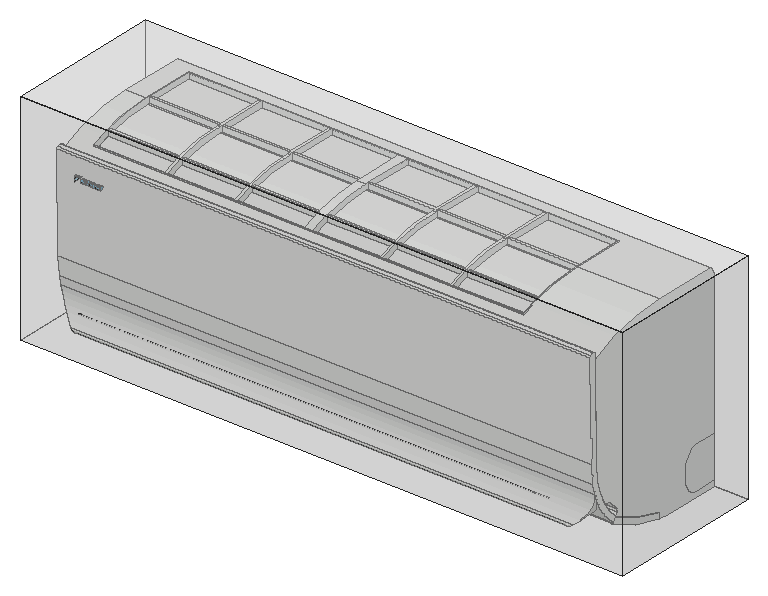
Revit family "outputfile", category 機械設備, Revit 2024
Family settings
  丸型コネクタ寸法 = 半径を使用
  パーツ タイプ = 標準
  OmniClass 番号 = 23.75.10.24.21.27.27
  OmniClass タイトル = Split System Air Conditioning Units
  作業面ベース = いいえ
  常に垂直 = はい
  ロード時にボイドで切り取り = いいえ
  注釈の向きを維持 = いいえ
  共有 = いいえ
  部屋計算ポイント = いいえ
Parameters (values of type "FTKQ24YV2S")
  製造元 = "Daikin"
  書き出し IFC クラス(タイプ) = "IfcUnitaryEquipmentType"
  定義済み IFC タイプ(タイプ) = "AIRCONDITIONINGUNIT"
  モデル = "FTKQ24YV2S"
  switch_frequency = yes
  r_Liquid Pipe Size = Liquid Pipe Size / 2  # 3.2 mm
  r_Gas Pipe Size = Gas Pipe Size / 2  # 6.35 mm
  r_Drain Pipe Size = Drain Pipe Size / 2  # 8.0 mm
  lw_powersupply [instance] = if(or(Right Connection_refrigerant, Left Connection_refrigerant), 348.0 mm, if(or(Rear Right Connection_refrigerant, Bottom Right Connection_refrigerant), 30.0 mm, 740.0 mm))  # 348.0 mm
  lw_liquidpipe [instance] = if(or(Right Connection_refrigerant, Left Connection_refrigerant), 433.0 mm, if(or(Rear Right Connection_refrigerant, Bottom Right Connection_refrigerant), 40.0 mm, 730.0 mm))  # 433.0 mm
  lw_gaspipe [instance] = if(or(Right Connection_refrigerant, Left Connection_refrigerant), if(Gas Pipe Size = 9.5 mm, 335.0 mm, 345.0 mm) + 48.0 mm, if(or(Rear Right Connection_refrigerant, Bottom Right Connection_refrigerant), 55.0 mm, 715.0 mm))  # 393.0 mm
  lw_drainpipe [instance] = if(or(Right Connection_refrigerant, Left Connection_refrigerant), 488.0 mm, if(or(Rear Right Connection_refrigerant, Bottom Right Connection_refrigerant), 55.0 mm, 715.0 mm))  # 488.0 mm
  l_powersupply_length [instance] = if(Right Connection_refrigerant, 348.0 mm, if(Left Connection_refrigerant, 422.0 mm, if(or(Rear Left Connection_refrigerant, Rear Right Connection_refrigerant), 20.0 mm, 50.0 mm)))  # 348.0 mm
  l_liquidpipe_length [instance] = if(Right Connection_refrigerant, 433.0 mm, if(Left Connection_refrigerant, 337.0 mm, if(or(Rear Left Connection_refrigerant, Rear Right Connection_refrigerant), 40.0 mm, 35.0 mm)))  # 433.0 mm
  l_gaspipe_length [instance] = if(Right Connection_refrigerant, if(Gas Pipe Size = 9.5 mm, 335.0 mm, 345.0 mm) + 48.0 mm, if(Left Connection_refrigerant, 770.0 mm - (if(Gas Pipe Size = 9.5 mm, 335.0 mm, 345.0 mm) + 48.0 mm), if(or(Rear Left Connection_refrigerant, Rear Right Connection_refrigerant), 40.0 mm, 50.0 mm)))  # 393.0 mm
  l_drainpipe_length [instance] = if(Right Connection_refrigerant, 488.0 mm, if(Left Connection_refrigerant, 282.0 mm, if(or(Rear Left Connection_refrigerant, Rear Right Connection_refrigerant), 20.0 mm, 25.0 mm)))  # 488.0 mm
  h*** = 0.0 mm  # constant formula
  connector_voltage = Voltage_50Hz  # 220 V
  connector_powerinput = [Power Input (Cooling)]  # 1.930 kW
  connector_phase = Phase_50Hz  # 1
  angle_vertical [instance] = if(or(Bottom Left Connection_refrigerant, Bottom Right Connection_refrigerant), 0.00°, 90.00°)  # 90.00°
  angle_horizontal [instance] = if(Right Connection_refrigerant, 90.00°, if(Left Connection_refrigerant, -90.00°, if(or(Rear Left Connection_refrigerant, Rear Right Connection_refrigerant), 180.00°, 0.00°)))  # 90.00°
  Width = 770.0 mm
  Voltage_comment_50Hz = "220 - 240"
  Voltage_50Hz = 220 V
  Version = "ver.1.0"
  Unit Type = "Wall Mounted"
  Unit Mass Weight = 9.00 kg
  Unit Designation [instance] = ""
  Uniclass2015Version = "Products v1.30"
  Uniclass2015Title = "Split coil room air conditioning units"
  Uniclass2015Code = "Pr_70_65_03_86"
  Total Cooling Capacity [instance] = 0.000 kW
  Sound Pressure Level_M speed (dBA) = 42
  Sound Pressure Level_L speed (dBA) = 37
  Sound Pressure Level_H speed (dBA) = 45
  Sound Power Level_H speed (dB) = 0
  Series = "Single Split_Fan Coil Unit"
  Sensible Cooling Capacity [instance] = 0.000 kW
  Refrigerant Type = "R32"
  Power Input (Cooling) = 1.930 kW
  Phase_50Hz = 1
  Option Accessory 3 [instance] = ""
  Option Accessory 2 [instance] = ""
  Option Accessory 1 [instance] = ""
  Nominal Cooling Capacity = 6.000 kW
  Minimum Airflow = 588.00 m³/h
  Median Airflow = 690.00 m³/h
  Maximum Airflow = 792.00 m³/h
  Material_Casing = DAIKIN_PureWhite_Casing_indoorunit
  Load Classification = HVAC
  Liquid Pipe Size = 6.4 mm
  Link_Nested Family [instance] = ""
  IfcVersion = ""
  IfcExportType = "AIRCONDITIONINGUNIT"
  IfcExportAs = "IfcUnitaryEquipmentType"
  Height = 285.0 mm
  Heat Exchanger Type = "Cross Fin Coil"
  Gas Pipe Size = 12.7 mm
  Frequency_50Hz = 50 Hz
  Fan Type = "Cross Flow Fan"
  Fan Drive = "Direct Drive"
  FCU Tag No. [instance] = ""
  Drain Pipe Size = 16.0 mm
  Design Supply Airflow [instance] = 0.00 m³/h
  Depth = 226.0 mm
  既定の高さ = 0.0 mm
  Cooling Entering Wet Bulb Temperature [instance] = 0.00 °C
  Cooling Entering Dry Bulb Temperature [instance] = 0.00 °C
  Cooling Ambient Wet Bulb Temperature [instance] = 0.00 °C
  Cooling Ambient Dry Bulb Temperature [instance] = 0.00 °C
  Clearance visibility [instance] = yes
  Clearance Top = 30.0 mm
  Clearance Right = 50.0 mm
  Clearance Rear = 0.0 mm
  Clearance Left = 50.0 mm
  Clearance Front = 0.0 mm
  Clearance Bottom = 0.0 mm
  Bottom Right Connection_refrigerant [instance] = no
  Bottom Left Connection_refrigerant [instance] = no
  Rear Right Connection_refrigerant [instance] = no
  Rear Left Connection_refrigerant [instance] = no
  Right Connection_refrigerant [instance] = yes
  Left Connection_refrigerant [instance] = no
Reference planes
  plane 1 "Back": y = 0
  plane 2: z = 0
  plane 3 "Center (Left/Right)": x = 0
  plane 4: y = -133
  plane 5: y = -266
  plane 6 "Left": x = -385
  plane 7 "Right": x = 385
  plane 8 "Top": z = 0
  plane 9: y = 0
  plane 10: z = -285
  plane 11 "Clearance Front": y = -226
  plane 12 "Bottom": z = -285
  plane 13: z = -285
  plane 14: z = 30
  plane 15 "Front": y = -226
  plane 16 "Clearance Rear": y = 0
  plane 17: x = -8
  plane 18: x = -48
  plane 19: x = -103
  plane 20: y = -40
  plane 21: y = -20
  plane 22: x = 37
  plane 23: x = -435
  plane 24: x = 435
  plane 25: x = 337
Forms (mm)
  Extrusion 1, solid, material "DAIKIN_PureWhite_Casing_indoorunit" <- "Material_Casing"
    sketch origin (-379, 1296.25, 1210) x (0, 1, 0) y (0, 0, 1)
      loop
        line (-1296.25, -1427) -> (-1326.25, -1427)
        arc (-1326.25, -1427) -> (-1340.393, -1432.858) -> (-1346.25, -1447) r 20
        line (-1346.25, -1447) -> (-1346.25, -1467)
        arc (-1346.25, -1467) -> (-1340.393, -1481.142) -> (-1326.25, -1487) r 20
        line (-1326.25, -1487) -> (-1296.25, -1487) -> (-1296.25, -1427)
    from 759 to 764
  Extrusion 2, solid, material "DAIKIN_PureWhite_Casing_indoorunit" <- "Material_Casing"
    sketch origin (-495, 1156.25, 1200) x (0, 1, 0) y (0, 0, 1)
      loop
        line (-1156.25, -1485) -> (-1156.25, -1208.5) -> (-1161.25, -1200) -> (-1254.25, -1200)
        arc (-1254.25, -1200) -> (-1314.413, -1207.347) -> (-1371.039, -1228.956) r 250
        arc (-1371.039, -1228.956) -> (-1370.963, -1294.87) -> (-1368.901, -1360.751) r 2186.827
        arc (-1368.901, -1360.751) -> (-1367.931, -1373.599) -> (-1366.216, -1386.369) r 221.844
        arc (-1366.216, -1386.369) -> (-1361.341, -1405) -> (-1353.083, -1422.397) r 103
        line (-1353.083, -1422.397) -> (-1345.22, -1422.397)
        arc (-1345.22, -1422.397) -> (-1343.826, -1422.741) -> (-1342.751, -1423.693) r 3
        arc (-1342.751, -1423.693) -> (-1337.001, -1431.196) -> (-1330.533, -1438.09) r 95
        arc (-1330.533, -1438.09) -> (-1329.645, -1439.831) -> (-1330.018, -1441.749) r 3
        line (-1330.018, -1441.749) -> (-1332.498, -1446.044)
        arc (-1332.498, -1446.044) -> (-1295.066, -1463.723) -> (-1255.079, -1474.437) r 231
        arc (-1255.079, -1474.437) -> (-1254.485, -1474.778) -> (-1254.25, -1475.422) r 1
        line (-1254.25, -1475.422) -> (-1254.25, -1483.703)
        arc (-1254.25, -1483.703) -> (-1250.776, -1484.245) -> (-1247.294, -1484.736) r 240
        arc (-1247.294, -1484.736) -> (-1245.313, -1484.934) -> (-1243.323, -1485) r 30
        line (-1243.323, -1485) -> (-1156.25, -1485)
    from 110 to 880
  Extrusion 3, solid, material "DAIKIN_PureWhite_Casing_indoorunit" <- "Material_Casing"
    sketch origin (-622.601, -1524, -230) x (-1, 0, 0) y (0, -1, 0)
      loop
        line (-996.615, -1494) -> (-996.615, -1524) -> (-936.615, -1524) -> (-936.615, -1494)
        arc (-936.615, -1494) -> (-942.473, -1479.858) -> (-956.615, -1474) r 20
        line (-956.615, -1474) -> (-976.615, -1474)
        arc (-976.615, -1474) -> (-990.757, -1479.858) -> (-996.615, -1494) r 20
      loop
        arc (-248.601, -1494) -> (-254.459, -1479.858) -> (-268.601, -1474) r 20
        line (-268.601, -1474) -> (-288.601, -1474)
        arc (-288.601, -1474) -> (-302.743, -1479.858) -> (-308.601, -1494) r 20
        line (-308.601, -1494) -> (-308.601, -1524) -> (-248.601, -1524) -> (-248.601, -1494)
    from -55 to -50
  Extrusion 4, solid, material "DAIKIN_PureWhite_Casing_indoorunit" <- "Material_Casing"
    sketch origin (0, 0, 10) x (1, 0, 0) y (0, 0, 1)
      loop
        circle (337, -250.5) r 32.5
      loop
        circle (-337, -250.5) r 32.5
    from 0 to 5
  Extrusion 5, solid, material "DAIKIN_PureWhite_Casing_indoorunit" <- "Material_Casing"
    sketch origin (489, 1296.25, 1210) x (0, 1, 0) y (0, 0, -1)
      loop
        line (-1296.25, 1427) -> (-1296.25, 1487) -> (-1326.25, 1487)
        arc (-1326.25, 1487) -> (-1340.393, 1481.142) -> (-1346.25, 1467) r 20
        line (-1346.25, 1467) -> (-1346.25, 1447)
        arc (-1346.25, 1447) -> (-1340.393, 1432.858) -> (-1326.25, 1427) r 20
        line (-1326.25, 1427) -> (-1296.25, 1427)
    from 869 to 874
  Extrusion 6, solid, material "DAIKIN_PureWhite_Casing_indoorunit" <- "Material_Casing"
    sketch origin (-385, 1156.25, 1200) x (0, 1, 0) y (0, 0, 1)
      loop
        arc (-1374.103, -1387.706) -> (-1361.832, -1423.213) -> (-1338.419, -1452.594) r 111
        arc (-1338.419, -1452.594) -> (-1337.834, -1452.764) -> (-1337.333, -1452.419) r 0.709
        line (-1337.333, -1452.419) -> (-1334.084, -1446.792)
        arc (-1334.084, -1446.792) -> (-1333.962, -1446.14) -> (-1334.274, -1445.556) r 1
        arc (-1334.274, -1445.556) -> (-1355.212, -1418.643) -> (-1366.216, -1386.369) r 103
        arc (-1366.216, -1386.369) -> (-1367.931, -1373.599) -> (-1368.901, -1360.751) r 221.844
        arc (-1368.901, -1360.751) -> (-1370.989, -1293.222) -> (-1370.99, -1225.661) r 2186.827
        arc (-1370.99, -1225.661) -> (-1370.93, -1221.937) -> (-1370.863, -1218.213) r 2192
        arc (-1370.863, -1218.213) -> (-1371.146, -1217.637) -> (-1371.78, -1217.535) r 0.7
        line (-1371.78, -1217.535) -> (-1377.538, -1219.406)
        arc (-1377.538, -1219.406) -> (-1378.425, -1219.99) -> (-1378.887, -1220.946) r 2
        arc (-1378.887, -1220.946) -> (-1379.035, -1290.894) -> (-1376.907, -1360.81) r 2149.92
        arc (-1376.907, -1360.81) -> (-1375.901, -1374.299) -> (-1374.103, -1387.706) r 229.911
    from 0 to 770
  Extrusion 7, solid, material "DAIKIN_PureWhite_Casing_indoorunit" <- "Material_Casing"
    sketch origin (-385, 1156.25, 1200) x (0, 1, 0) y (0, 0, 1)
      loop
        arc (-1336.569, -1454.09) -> (-1297.525, -1472.406) -> (-1255.834, -1483.439) r 240
        arc (-1255.834, -1483.439) -> (-1255.428, -1483.328) -> (-1255.25, -1482.946) r 0.5
        line (-1255.25, -1482.946) -> (-1255.25, -1475.422)
        arc (-1255.25, -1475.422) -> (-1295.171, -1464.749) -> (-1332.564, -1447.164) r 232
        arc (-1332.564, -1447.164) -> (-1332.945, -1447.112) -> (-1333.249, -1447.346) r 0.5
        line (-1333.249, -1447.346) -> (-1336.741, -1453.393)
        arc (-1336.741, -1453.393) -> (-1336.802, -1453.778) -> (-1336.569, -1454.09) r 0.5
    from 0 to 770
  Extrusion 8, solid, material "DAIKIN_PureWhite_Casing_indoorunit" <- "Material_Casing"
    sketch origin (-385, 1156.25, 1200) x (0, 1, 0) y (0, 0, 1)
      loop
        arc (-1371.046, -1401.088) -> (-1370.514, -1423.975) -> (-1381.552, -1444.032) r 44
        arc (-1381.552, -1444.032) -> (-1382.188, -1446.32) -> (-1380.625, -1448.108) r 2.5
        arc (-1380.625, -1448.108) -> (-1367.897, -1451.601) -> (-1354.751, -1452.778) r 74
        line (-1354.751, -1452.778) -> (-1338.211, -1452.778)
        arc (-1338.211, -1452.778) -> (-1358.264, -1429.242) -> (-1371.046, -1401.088) r 111
    from 0 to 770
  Extrusion 9, solid, material "DAIKIN_PureWhite_Casing_indoorunit" <- "Material_Casing"
    sketch origin (-385, 1156.25, 1200) x (0, 1, 0) y (0, 0, 1)
      loop
        line (-1254.32, -1208) -> (-1177.85, -1208) -> (-1177.85, -1200) -> (-1254.25, -1200)
        arc (-1254.25, -1200) -> (-1302.879, -1204.775) -> (-1349.65, -1218.918) r 250
        line (-1349.65, -1218.918) -> (-1349.65, -1227.568)
        arc (-1349.65, -1227.568) -> (-1302.979, -1212.942) -> (-1254.32, -1208) r 242
    from 29.359 to 650.764
  Extrusion 10, void
    sketch origin (-385, 1156.25, 1200) x (0, 1, 0) y (0, 0, 1)
      loop
        line (-1349.65, -1215.676) -> (-1349.65, -1227.568)
        arc (-1349.65, -1227.568) -> (-1302.979, -1212.942) -> (-1254.32, -1208) r 242
        line (-1254.32, -1208) -> (-1177.85, -1208) -> (-1177.85, -1197) -> (-1254.25, -1197)
        arc (-1254.25, -1197) -> (-1302.856, -1201.713) -> (-1349.65, -1215.676) r 253
    from 29.359 to 650.764
  Extrusion 11, void
    sketch origin (-610.615, -1524, -240) x (-1, 0, 0) y (0, -1, 0)
      loop
        line (-255.68, -1501.684) -> (-255.68, -1432.659) -> (-357.948, -1432.659) -> (-357.948, -1501.684) -> (-255.68, -1501.684)
      loop
        line (-361.28, -1501.684) -> (-361.28, -1432.659) -> (-459.048, -1432.659) -> (-459.048, -1501.684) -> (-361.28, -1501.684)
      loop
        line (-255.68, -1429.341) -> (-255.68, -1358.741) -> (-357.948, -1358.741) -> (-357.948, -1429.341) -> (-255.68, -1429.341)
      loop
        line (-255.68, -1356.618) -> (-255.68, -1331.319) -> (-357.948, -1331.319) -> (-357.948, -1356.618) -> (-255.68, -1356.618)
      loop
        line (-361.274, -1429.341) -> (-361.274, -1358.741) -> (-459.048, -1358.741) -> (-459.048, -1429.341) -> (-361.274, -1429.341)
      loop
        line (-361.274, -1356.618) -> (-361.274, -1331.319) -> (-459.048, -1331.319) -> (-459.048, -1356.618) -> (-361.274, -1356.618)
      loop
        line (-462.312, -1501.684) -> (-462.312, -1432.659) -> (-559.622, -1432.659) -> (-559.622, -1501.684) -> (-462.312, -1501.684)
      loop
        line (-462.306, -1429.341) -> (-462.306, -1358.741) -> (-559.622, -1358.741) -> (-559.622, -1429.341) -> (-462.306, -1429.341)
      loop
        line (-462.306, -1356.618) -> (-462.306, -1331.319) -> (-559.622, -1331.319) -> (-559.622, -1356.618) -> (-462.306, -1356.618)
      loop
        line (-571.622, -1501.684) -> (-571.622, -1432.659) -> (-668.931, -1432.659) -> (-668.931, -1501.684) -> (-571.622, -1501.684)
      loop
        line (-672.311, -1501.684) -> (-672.311, -1432.659) -> (-770.079, -1432.659) -> (-770.079, -1501.684) -> (-672.311, -1501.684)
      loop
        line (-571.622, -1429.341) -> (-571.622, -1358.741) -> (-668.925, -1358.741) -> (-668.925, -1429.341) -> (-571.622, -1429.341)
      loop
        line (-571.622, -1356.618) -> (-571.622, -1331.319) -> (-668.925, -1331.319) -> (-668.925, -1356.618) -> (-571.622, -1356.618)
      loop
        line (-672.311, -1429.341) -> (-672.311, -1358.741) -> (-770.079, -1358.741) -> (-770.079, -1429.341) -> (-672.311, -1429.341)
      loop
        line (-672.311, -1356.618) -> (-672.311, -1331.319) -> (-770.079, -1331.319) -> (-770.079, -1356.618) -> (-672.311, -1356.618)
      loop
        line (-773.411, -1501.684) -> (-773.411, -1432.659) -> (-875.679, -1432.659) -> (-875.679, -1501.684) -> (-773.411, -1501.684)
      loop
        line (-773.411, -1429.341) -> (-773.411, -1358.741) -> (-875.679, -1358.741) -> (-875.679, -1429.341) -> (-773.411, -1429.341)
      loop
        line (-773.411, -1356.618) -> (-773.411, -1331.319) -> (-875.679, -1331.319) -> (-875.679, -1356.618) -> (-773.411, -1356.618)
    from 208.902 to 245
  Extrusion 12, void
    sketch origin (-385, 1156.25, 1200) x (0, 1, 0) y (0, 0, 1)
      loop
        arc (-1339.36, -1455.929) -> (-1309.531, -1470.929) -> (-1277.928, -1481.699) r 243
        line (-1277.928, -1481.699) -> (-1275.103, -1471.068)
        arc (-1275.103, -1471.068) -> (-1305.332, -1460.762) -> (-1333.859, -1446.402) r 232
        line (-1333.859, -1446.402) -> (-1339.36, -1455.929)
    from 47 to 652
  Extrusion 13, solid, material "DAIKIN_PureWhite_Casing_indoorunit" <- "Material_Casing"
    sketch origin (-385, 1156.25, 1200) x (0, 1, 0) y (0, 0, 1)
      loop
        arc (-1336.998, -1453.838) -> (-1307.924, -1468.349) -> (-1277.157, -1478.8) r 240
        line (-1277.157, -1478.8) -> (-1275.103, -1471.068)
        arc (-1275.103, -1471.068) -> (-1304.871, -1460.955) -> (-1332.998, -1446.91) r 232
        line (-1332.998, -1446.91) -> (-1336.998, -1453.838)
    from 52.507 to 648.507
  Extrusion 14, void
    sketch origin (0, 0, 0) x (1, 0, 0) y (0, 0, 1)
      loop
        line (-395, -201.088) -> (-395, -259.424) -> (-333.271, -259.424) -> (-333.271, -252.778)
        arc (-333.271, -252.778) -> (-369.835, -237.641) -> (-385, -201.088) r 51.729
        line (-385, -201.088) -> (-395, -201.088)
    from 118.853 to 250
  Extrusion 15, void
    sketch origin (0, 0, 0) x (1, 0, 0) y (0, 0, 1)
      loop
        arc (385, -200.608) -> (369.72, -237.498) -> (332.829, -252.778) r 52.171
        line (332.829, -252.778) -> (332.829, -262.778) -> (392.829, -262.778) -> (392.829, -192.778) -> (385, -192.778) -> (385, -200.608)
    from 140.894 to 250
Cuts and joins
  Extrusion 10 cuts Extrusion 2
  Extrusion 11 cuts Extrusion 9
  Extrusion 12 cuts Extrusion 7
  Extrusion 14, Extrusion 15 cuts Extrusion 8
Lines and regions (mm)
  reference lines
    curve 1: line (-395.5, -222.696, -45.45) -> (-395.5, -222.696, -55.45)
Dimensions and locks
  equal spacing: plane 6 "Left", plane 3 "Center (Left/Right)", plane 7 "Right"
  "Width": plane 6 "Left" to plane 7 "Right"
  level to plane 10 = 285.0 mm
  locked: Extrusion 4 sketch curve to plane 6 "Left" at 48
  locked: plane 7 "Right" to Extrusion 4 sketch curve at 48
  locked: plane 8 "Top" to Extrusion 4 sketch curve at 240.5  (x2)
  locked: plane 6 "Left" to Extrusion 3 sketch curve at 11
  locked: Extrusion 3 sketch curve to Extrusion 3 sketch curve at 60  (x2)
  locked: Extrusion 3 sketch curve to plane 7 "Right" at 10.986
  "Height": plane 8 "Top" to plane 12 "Bottom"
  "Clearance Top": plane 14 to plane 8 "Top"
  "Clearance Bottom": plane 12 "Bottom" to plane 13
  "Depth": plane 15 "Front" to plane 1 "Back"
  "Clearance Front": plane 15 "Front" to plane 11 "Clearance Front"
  "Clearance Rear": plane 16 "Clearance Rear" to plane 1 "Back"
  locked: plane 1 "Back" to plane 20 at 40
  locked: plane 1 "Back" to plane 21 at 20
  "Clearance Left": plane 23 to plane 6 "Left"
  "Clearance Right": plane 7 "Right" to plane 24
  "lw_powersupply": plane 22 to plane 7 "Right"
  locked: plane 25 to plane 7 "Right" at 48
  "lw_gaspipe": plane 17 to plane 7 "Right"
  "lw_liquidpipe": plane 18 to plane 7 "Right"
  "lw_drainpipe": plane 19 to plane 7 "Right"
  aligned and locked: level to plane 2
  aligned and locked: nested 2 to curve 1
  aligned and locked: plane 7 "Right" to Extrusion 1
  aligned and locked: plane 19 to nested 3
  aligned and locked: plane 18 to nested 4
  aligned and locked: plane 22 to nested 5
  aligned and locked: plane 17 to nested 6
  aligned and locked: nested 6 to plane 20
  aligned and locked: nested 4 to plane 20
  aligned and locked: nested 3 to plane 21
  aligned and locked: nested 5 to plane 21
  aligned and locked: nested 1 to plane 16 "Clearance Rear"
  aligned and locked: plane 11 "Clearance Front" to nested 1
  aligned and locked: nested 1 to plane 13
  aligned and locked: nested 1 to plane 14
  aligned and locked: nested 1 to plane 23
  aligned and locked: plane 24 to nested 1
Automatic sketch dimensions
  Extrusion 1 sketch curve to plane 1 "Back" = 0.0 mm
  plane 1 "Back" to Extrusion 1 sketch curve = 30.0 mm  (x2)
  Extrusion 1 sketch curve to Extrusion 1 sketch curve = 20.0 mm  (x2)
  Extrusion 1 sketch curve to level = 277.0 mm
  Extrusion 2 sketch curve to Extrusion 2 sketch curve = 0.0 mm  (x8)
  Extrusion 2 sketch curve to level = 0.0 mm
  Extrusion 2 sketch curve to plane 10 = 0.0 mm
  Extrusion 2 sketch curve to plane 1 "Back" = 0.0 mm
  plane 1 "Back" to Extrusion 2 sketch curve = 5.0 mm
  plane 1 "Back" to Extrusion 2 sketch curve = 59.278 mm
  plane 4 to Extrusion 2 sketch curve = 45.927 mm
  plane 10 to Extrusion 2 sketch curve = 1.297 mm
  Extrusion 2 sketch curve to Extrusion 2 sketch curve = 10.927 mm
  plane 4 to Extrusion 2 sketch curve = 35.0 mm
  Extrusion 2 sketch curve to Extrusion 2 sketch curve = 1.0 mm
  plane 4 to Extrusion 2 sketch curve = 24.681 mm
  Extrusion 2 sketch curve to plane 4 = 40.768 mm
  Extrusion 2 sketch curve to Extrusion 2 sketch curve = 2.48 mm
  Extrusion 2 sketch curve to Extrusion 2 sketch curve = 2.598 mm
  Extrusion 2 sketch curve to Extrusion 2 sketch curve = 12.604 mm
  Extrusion 2 sketch curve to Extrusion 2 sketch curve = 7.862 mm
  Extrusion 2 sketch curve to plane 1 "Back" = 8.955 mm
  Extrusion 2 sketch curve to level = 59.408 mm
  Extrusion 2 sketch curve to Extrusion 2 sketch curve = 1962.872 mm
  Extrusion 2 sketch curve to Extrusion 2 sketch curve = 8.281 mm
  Extrusion 2 sketch curve to Extrusion 2 sketch curve = 20.422 mm
  Extrusion 2 sketch curve to Extrusion 2 sketch curve = 5.0 mm
  plane 10 to Extrusion 2 sketch curve = 38.956 mm
  Extrusion 2 sketch curve to Extrusion 2 sketch curve = 4.295 mm
  Extrusion 2 sketch curve to Extrusion 2 sketch curve = 1.5 mm
  Extrusion 2 sketch curve to Extrusion 2 sketch curve = 14.851 mm
  Extrusion 2 sketch curve to Extrusion 2 sketch curve = 3.0 mm
  Extrusion 2 sketch curve to Extrusion 2 sketch curve = 80.275 mm
  Extrusion 2 sketch curve to Extrusion 2 sketch curve = 19.254 mm
  Extrusion 2 sketch curve to level = 46.847 mm
  Extrusion 2 sketch curve to level = 8.5 mm
  Extrusion 2 sketch curve to Extrusion 2 sketch curve = 13.133 mm
  plane 1 "Back" to Extrusion 3 sketch curve = 0.0 mm  (x2)
  Extrusion 3 sketch curve to Extrusion 3 sketch curve = 20.0 mm  (x4)
  plane 1 "Back" to Extrusion 3 sketch curve = 30.0 mm  (x2)
  Extrusion 5 sketch curve to plane 1 "Back" = 0.0 mm
  plane 1 "Back" to Extrusion 5 sketch curve = 30.0 mm  (x2)
  Extrusion 5 sketch curve to Extrusion 5 sketch curve = 20.0 mm  (x2)
  Extrusion 5 sketch curve to level = 217.0 mm
  Extrusion 6 sketch curve to Extrusion 6 sketch curve = 0.0 mm  (x5)
  Extrusion 6 sketch curve to level = 19.406 mm
  Extrusion 6 sketch curve to Extrusion 6 sketch curve = 1.349 mm
  Extrusion 6 sketch curve to Extrusion 6 sketch curve = 0.618 mm
  Extrusion 6 sketch curve to level = 17.535 mm
  Extrusion 6 sketch curve to Extrusion 6 sketch curve = 5.759 mm
  Extrusion 6 sketch curve to Extrusion 6 sketch curve = 0.217 mm
  Extrusion 6 sketch curve to plane 4 = 48.697 mm
  Extrusion 6 sketch curve to Extrusion 6 sketch curve = 0.614 mm
  Extrusion 6 sketch curve to Extrusion 6 sketch curve = 2.997 mm
  Extrusion 6 sketch curve to Extrusion 6 sketch curve = 0.866 mm
  plane 4 to Extrusion 6 sketch curve = 24.681 mm
  Extrusion 6 sketch curve to plane 1 "Back" = 8.955 mm
  Extrusion 6 sketch curve to Extrusion 6 sketch curve = 0.067 mm
  Extrusion 6 sketch curve to level = 60.455 mm
  Extrusion 6 sketch curve to Extrusion 6 sketch curve = 44.907 mm
  Extrusion 6 sketch curve to Extrusion 6 sketch curve = 5.173 mm
  Extrusion 6 sketch curve to level = 150.462 mm
  Extrusion 6 sketch curve to Extrusion 6 sketch curve = 0.008 mm
  Extrusion 6 sketch curve to Extrusion 6 sketch curve = 19.254 mm
  Extrusion 6 sketch curve to Extrusion 6 sketch curve = 76.567 mm
  Extrusion 6 sketch curve to Extrusion 6 sketch curve = 0.5 mm
  Extrusion 6 sketch curve to Extrusion 6 sketch curve = 5.772 mm
  Extrusion 6 sketch curve to Extrusion 6 sketch curve = 1.017 mm
  Extrusion 6 sketch curve to Extrusion 6 sketch curve = 0.03 mm
  Extrusion 6 sketch curve to Extrusion 6 sketch curve = 0.665 mm
  plane 5 to Extrusion 6 sketch curve = 45.344 mm
  Extrusion 6 sketch curve to Extrusion 6 sketch curve = 5.93 mm
  Extrusion 6 sketch curve to Extrusion 6 sketch curve = 7.888 mm
  Extrusion 7 sketch curve to plane 4 = 47.49 mm
  Extrusion 7 sketch curve to Extrusion 7 sketch curve = 0.424 mm
  Extrusion 7 sketch curve to Extrusion 7 sketch curve = 3.491 mm
  Extrusion 7 sketch curve to Extrusion 7 sketch curve = 0.433 mm
  plane 4 to Extrusion 7 sketch curve = 33.5 mm
  Extrusion 7 sketch curve to Extrusion 7 sketch curve = 0.5 mm
  plane 1 "Back" to Extrusion 7 sketch curve = 59.278 mm
  Extrusion 7 sketch curve to Extrusion 7 sketch curve = 0.0 mm  (x4)
  Extrusion 7 sketch curve to level = 282.946 mm
  Extrusion 7 sketch curve to Extrusion 7 sketch curve = 7.524 mm
  Extrusion 7 sketch curve to Extrusion 7 sketch curve = 21.764 mm
  Extrusion 7 sketch curve to Extrusion 7 sketch curve = 0.265 mm
  Extrusion 7 sketch curve to Extrusion 7 sketch curve = 6.062 mm
  Extrusion 7 sketch curve to Extrusion 7 sketch curve = 0.25 mm
  Extrusion 7 sketch curve to level = 46.848 mm
  Extrusion 7 sketch curve to Extrusion 7 sketch curve = 0.084 mm
  plane 5 to Extrusion 8 sketch curve = 8.997 mm
  plane 5 to Extrusion 8 sketch curve = 42.5 mm
  Extrusion 8 sketch curve to Extrusion 8 sketch curve = 25.0 mm
  Extrusion 8 sketch curve to Extrusion 8 sketch curve = 16.54 mm
  plane 4 to Extrusion 8 sketch curve = 24.681 mm
  Extrusion 8 sketch curve to level = 252.778 mm
  Extrusion 8 sketch curve to Extrusion 8 sketch curve = 7.013 mm
  Extrusion 8 sketch curve to Extrusion 8 sketch curve = 32.246 mm
  Extrusion 8 sketch curve to Extrusion 8 sketch curve = 34.741 mm
  Extrusion 8 sketch curve to Extrusion 8 sketch curve = 9.054 mm
  Extrusion 8 sketch curve to Extrusion 8 sketch curve = 1.801 mm
  Extrusion 8 sketch curve to Extrusion 8 sketch curve = 0.0 mm  (x2)
  Extrusion 8 sketch curve to Extrusion 8 sketch curve = 16.296 mm
  Extrusion 9 sketch curve to level = 0.0 mm
  Extrusion 9 sketch curve to level = 18.918 mm
  Extrusion 9 sketch curve to plane 4 = 60.4 mm
  Extrusion 9 sketch curve to level = 8.0 mm
  plane 4 to Extrusion 9 sketch curve = 34.93 mm
  Extrusion 9 sketch curve to Extrusion 9 sketch curve = 0.07 mm
  plane 1 "Back" to Extrusion 9 sketch curve = 21.6 mm
  Extrusion 9 sketch curve to Extrusion 9 sketch curve = 0.0 mm
  Extrusion 10 sketch curve to level = 27.568 mm
  Extrusion 10 sketch curve to plane 4 = 60.4 mm
  plane 4 to Extrusion 10 sketch curve = 34.93 mm
  level to Extrusion 10 sketch curve = 3.0 mm
  Extrusion 10 sketch curve to Extrusion 10 sketch curve = 0.07 mm
  plane 1 "Back" to Extrusion 10 sketch curve = 21.6 mm
  Extrusion 10 sketch curve to Extrusion 10 sketch curve = 222.432 mm
  Extrusion 10 sketch curve to Extrusion 10 sketch curve = 0.0 mm
  plane 4 to Extrusion 11 sketch curve = 38.341 mm
  Extrusion 11 sketch curve to plane 7 "Right" = 119.936 mm
  Extrusion 11 sketch curve to Extrusion 11 sketch curve = 0.0 mm  (x22)
  plane 1 "Back" to Extrusion 11 sketch curve = 22.316 mm  (x3)
  Extrusion 11 sketch curve to Extrusion 11 sketch curve = 102.268 mm
  Extrusion 11 sketch curve to Extrusion 11 sketch curve = 3.332 mm  (x3)
  plane 3 "Center (Left/Right)" to Extrusion 11 sketch curve = 61.696 mm  (x2)
  Extrusion 11 sketch curve to Extrusion 11 sketch curve = 3.38 mm
  Extrusion 11 sketch curve to Extrusion 11 sketch curve = 3.386 mm
  Extrusion 11 sketch curve to Extrusion 11 sketch curve = 0.006 mm  (x3)
  Extrusion 11 sketch curve to plane 3 "Center (Left/Right)" = 38.993 mm  (x2)
  Extrusion 11 sketch curve to Extrusion 11 sketch curve = 12.0 mm  (x2)
  plane 4 to Extrusion 11 sketch curve = 41.659 mm  (x3)
  Extrusion 11 sketch curve to Extrusion 11 sketch curve = 97.309 mm
  Extrusion 11 sketch curve to plane 4 = 32.259 mm  (x4)
  Extrusion 11 sketch curve to Extrusion 11 sketch curve = 3.264 mm
  Extrusion 11 sketch curve to Extrusion 11 sketch curve = 3.258 mm  (x2)
  Extrusion 11 sketch curve to Extrusion 11 sketch curve = 97.768 mm
  Extrusion 11 sketch curve to Extrusion 11 sketch curve = 3.326 mm
  plane 6 "Left" to Extrusion 11 sketch curve = 30.066 mm
  Extrusion 11 sketch curve to Extrusion 11 sketch curve = 3.317 mm  (x5)
  Extrusion 11 sketch curve to Extrusion 11 sketch curve = 2.124 mm  (x6)
  Extrusion 11 sketch curve to Extrusion 11 sketch curve = 25.299 mm  (x5)
  plane 4 to Extrusion 12 sketch curve = 11.323 mm
  Extrusion 12 sketch curve to Extrusion 12 sketch curve = 2.825 mm
  Extrusion 12 sketch curve to Extrusion 12 sketch curve = 0.0 mm  (x2)
  Extrusion 12 sketch curve to level = 281.699 mm
  Extrusion 12 sketch curve to Extrusion 12 sketch curve = 10.631 mm
  Extrusion 13 sketch curve to plane 4 = 47.748 mm
  Extrusion 13 sketch curve to Extrusion 13 sketch curve = 4.0 mm
  plane 4 to Extrusion 13 sketch curve = 12.093 mm
  Extrusion 13 sketch curve to Extrusion 13 sketch curve = 2.054 mm
  plane 1 "Back" to Extrusion 13 sketch curve = 59.278 mm
  Extrusion 13 sketch curve to Extrusion 13 sketch curve = 0.0 mm
  Extrusion 13 sketch curve to level = 278.8 mm
  Extrusion 13 sketch curve to Extrusion 13 sketch curve = 7.732 mm
  Extrusion 13 sketch curve to Extrusion 13 sketch curve = 17.23 mm
  Extrusion 13 sketch curve to Extrusion 13 sketch curve = 6.928 mm
  Extrusion 12 sketch curve to plane 4 = 50.109 mm
  plane 1 "Back" to Extrusion 12 sketch curve = 59.278 mm
  Extrusion 12 sketch curve to Extrusion 12 sketch curve = 15.14 mm
  Extrusion 12 sketch curve to Extrusion 12 sketch curve = 5.5 mm
  Extrusion 14 sketch curve to plane 6 "Left" = 10.0 mm
  plane 6 "Left" to Extrusion 14 sketch curve = 0.0 mm
  plane 7 "Right" to Extrusion 15 sketch curve = 7.829 mm
  Extrusion 15 sketch curve to plane 7 "Right" = 0.0 mm
  Extrusion 6 sketch curve to plane 4 = 87.67 mm
  Extrusion 6 sketch curve to Extrusion 6 sketch curve = 1.902 mm
  Extrusion 6 sketch curve to Extrusion 6 sketch curve = 2.804 mm
  plane 6 "Left" to Extrusion 14 sketch curve = 51.729 mm
  Extrusion 14 sketch curve to Extrusion 14 sketch curve = 6.646 mm
  Extrusion 15 sketch curve to Extrusion 15 sketch curve = 10.0 mm
  Extrusion 14 sketch curve to level = 259.424 mm
  Extrusion 14 sketch curve to Extrusion 14 sketch curve = 58.337 mm
  Extrusion 15 sketch curve to plane 7 "Right" = 52.171 mm
  Extrusion 15 sketch curve to level = 262.778 mm
  Extrusion 15 sketch curve to Extrusion 15 sketch curve = 7.829 mm
  plane 5 to curve 1 = 43.304 mm
  curve 1 to level = 55.45 mm
  curve 1 to curve 1 = 10.0 mm
  radius of Extrusion 4 sketch curve = 32.5 mm  (x2)
Nested families
  nested 1: "daikin_clearancespace" at (0, -113, -127.381), show <- "Clearance visibility", visible <- "Clearance visibility", Link_Nested Family <- "Link_Nested Family", type "daikin_clearancespace"
    with width 870.0 mm, show yes, height 315.0 mm, depth 226.0 mm, Link_Nested Family ""
  nested 2: "daikin_logo_plane_w40" at (-338, -222.696, -45) x (1, 0, 0) z (0, -1, 0), type "daikin_logo_plane_w40"
    with show_logo yes
  nested 3: "daikin_connector_rotate3" at (-103, -20, -260), angle_vertical <- "angle_vertical", angle_horizontal <- "angle_horizontal", length <- "l_drainpipe_length", radius <- "r_Drain Pipe Size", type "daikin_connector_rotate3"
    with show no, radius 8.0 mm, length 488.0 mm, angle_vertical 90.00°, angle_horizontal 90.00°
  nested 4: "daikin_connector_rotate3" at (-48, -40, -250), angle_vertical <- "angle_vertical", angle_horizontal <- "angle_horizontal", length <- "l_liquidpipe_length", radius <- "r_Liquid Pipe Size", type "daikin_connector_rotate3"
    with show no, radius 3.2 mm, length 433.0 mm, angle_vertical 90.00°, angle_horizontal 90.00°
  nested 5: "daikin_connector_rotate3" at (37, -20, -235), angle_vertical <- "angle_vertical", angle_horizontal <- "angle_horizontal", length <- "l_powersupply_length", type "daikin_connector_rotate3"
    with show no, radius 10.0 mm, length 348.0 mm, angle_vertical 90.00°, angle_horizontal 90.00°
  nested 6: "daikin_connector_rotate3" at (-8, -40, -235), angle_vertical <- "angle_vertical", angle_horizontal <- "angle_horizontal", length <- "l_gaspipe_length", radius <- "r_Gas Pipe Size", type "daikin_connector_rotate3"
    with show no, radius 6.35 mm, length 393.0 mm, angle_vertical 90.00°, angle_horizontal 90.00°
Connectors
  electrical at (385, -20, -235), driven by "Load Classification", driven by "connector_voltage", driven by "connector_phase", driven by "connector_powerinput"
    settings: on nested 5, index 1, voltage 220 V, apparent load 1930 VA, apparent load phase1 0 VA, apparent load phase2 0 VA, apparent load phase3 0 VA, power factor 1, load classification "HVAC", number of poles 1, system type 30, power factor state 1, is connector primary yes, connector utility no, sub classification motor no, connector description "Power Supply"
  piping at (385, -20, -260), diameter 16, driven by "r_Drain Pipe Size"
    settings: on nested 3, index 2, connector inside diameter 609.6 mm, connector length 0.0 mm, flow factor 0, pipe flow 0.00 m³/h, pressure drop 0.0 Pa, fitting loss kfactor 0, connector angle 0.00°, fixture units 0, engagement length 0.0 mm, angle of deflection 0.00°, flow configuration 1, flow direction 2, fitting loss method 4, system type 16, joint type 0, gender type 0, connector reference index -1, connector utility 0, adjustable connector no, is connector primary yes, connector description "Condensate Drain Piping"
  piping at (385, -40, -235), diameter 12.7, driven by "r_Gas Pipe Size"
    settings: on nested 6, index 3, connector inside diameter 609.6 mm, connector length 0.0 mm, flow factor 0, pipe flow 0.00 m³/h, pressure drop 0.0 Pa, fitting loss kfactor 0, connector angle 0.00°, fixture units 0, engagement length 0.0 mm, angle of deflection 0.00°, flow configuration 1, flow direction 2, fitting loss method 0, system type 29, joint type 0, gender type 0, connector reference index -1, connector utility 0, adjustable connector no, is connector primary no, connector description "Refrigerant Gas Piping"
  piping at (385, -40, -250), diameter 6.4, driven by "r_Liquid Pipe Size"
    settings: on nested 4, index 4, connector inside diameter 609.6 mm, connector length 0.0 mm, flow factor 0, pipe flow 0.00 m³/h, pressure drop 0.0 Pa, fitting loss kfactor 0, connector angle 0.00°, fixture units 0, engagement length 0.0 mm, angle of deflection 0.00°, flow configuration 1, flow direction 1, fitting loss method 0, system type 29, joint type 0, gender type 0, connector reference index -1, connector utility 0, adjustable connector no, is connector primary no, connector description "Refrigerant Liquid Piping"
Definition of nested family "daikin_clearancespace"
  Parameters (values of type "daikin_clearancespace")
    Description = "daikin_clearancespace"
    width [instance] = 1823.963 mm
    show [instance] = yes
    material = none
    height [instance] = 1359.762 mm
    depth [instance] = 880.0 mm
    Default Elevation = 0.0 mm
    Link_Nested Family [instance] = ""
  Reference planes
    plane 1 "Center (Front/Back)": y = 0
    plane 2 "Center (Elevation)": z = -0.119
    plane 3 "Center (Left/Right)": x = 0
    plane 4: y = 440
    plane 5: y = -440
    plane 6 "Right": x = 911.982
    plane 7 "Left": x = -911.982
    plane 8 "Top": z = 679.762
    plane 9 "Bottom": z = -680
  Forms (mm)
    Extrusion 1, solid, material <- "material", visible <- "show"
      sketch origin (0, 0, 0) x (1, 0, 0) y (0, 1, 0)
        loop
          line (-911.982, 440) -> (-911.982, -440) -> (911.982, -440) -> (911.982, 440) -> (-911.982, 440)
      from -680 to 679.762
  Lines and regions (mm)
    symbolic lines, visible <- "show"
      curve 1: line (911.982, 440, 0) -> (-911.982, 440, 0)
      curve 2: line (-911.982, 440, 0) -> (-911.982, -440, 0)
      curve 3: line (-911.982, -440, 0) -> (911.982, -440, 0)
      curve 4: line (911.982, -440, 0) -> (911.982, 440, 0)
      curve 5: line (911.982, 0, 679.762) -> (-911.982, 0, 679.762)
      curve 6: line (911.982, 0, -680) -> (911.982, 0, 679.762)
      curve 7: line (-911.982, 0, -680) -> (911.982, 0, -680)
      curve 8: line (-911.982, 0, 679.762) -> (-911.982, 0, -680)
      curve 9: line (0, 440, 679.762) -> (0, -440, 679.762)
      curve 10: line (0, -440, 679.762) -> (0, -440, -680)
      curve 11: line (0, 440, -680) -> (0, 440, 679.762)
      curve 12: line (0, -440, -680) -> (0, 440, -680)
  Dimensions and locks
    "width": plane 7 "Left" to plane 6 "Right"
    "depth": plane 4 to plane 5
    "height": plane 8 "Top" to plane 9 "Bottom"
    equal spacing: plane 7 "Left", plane 3 "Center (Left/Right)", plane 6 "Right"
    equal spacing: plane 4, plane 1 "Center (Front/Back)", plane 5
    equal spacing: plane 8 "Top", plane 2 "Center (Elevation)", plane 9 "Bottom"
    aligned and locked: level to plane 2 "Center (Elevation)"
    aligned and locked: Extrusion 1 sketch curve to plane 4
    aligned and locked: plane 7 "Left" to Extrusion 1 sketch curve
    aligned and locked: Extrusion 1 sketch curve to plane 5
    aligned and locked: Extrusion 1 sketch curve to plane 6 "Right"
    aligned and locked: plane 8 "Top" to Extrusion 1
    aligned and locked: curve 1 to Extrusion 1
    aligned and locked: curve 2 to Extrusion 1
    aligned and locked: curve 3 to Extrusion 1
    aligned and locked: curve 4 to Extrusion 1
    aligned and locked: curve 5 to Extrusion 1
    aligned and locked: curve 6 to Extrusion 1
    aligned and locked: curve 7 to Extrusion 1
    aligned and locked: curve 8 to Extrusion 1
    aligned and locked: curve 9 to Extrusion 1
    aligned and locked: curve 10 to Extrusion 1
    aligned and locked: curve 11 to Extrusion 1
    aligned and locked: curve 12 to Extrusion 1
    aligned and locked: Extrusion 1 to plane 9 "Bottom"
Definition of nested family "daikin_logo_plane_w40"
  Parameters (values of type "daikin_logo_plane_w40")
    width = 40.0 mm
    show_logo [instance] = yes
    material = none
    height = 0.0 mm
    depth = 0.0 mm
    Default Elevation = 1219.2 mm
  Reference planes
    plane 1 "Center (Front/Back)": y = 0
    plane 2: z = 0
    plane 3 "Center (Left/Right)": x = 0
    plane 4: z = 2
    plane 5 "left": x = -19
    plane 6: x = 19
  Forms (mm)
    Extrusion 1, solid, visible <- "show_logo"
      sketch origin (-19, 0, 0) x (1, 0, 0) y (0, 1, 0)
        loop
          line (8.902, -1.878) -> (7.789, -6.332) -> (11.13, -6.332)
          arc (11.13, -6.332) -> (12.454, -6.064) -> (13.472, -5.176) r 2.642
          arc (13.472, -5.176) -> (13.92, -4.02) -> (13.767, -2.79) r 2.537
          arc (13.767, -2.79) -> (13.452, -2.342) -> (12.982, -2.06) r 1.321
          arc (12.982, -2.06) -> (12.063, -1.902) -> (11.13, -1.878) r 6.479
          line (11.13, -1.878) -> (8.902, -1.878)
        loop
          line (10.016, -5.441) -> (10.907, -5.441)
          arc (10.907, -5.441) -> (11.591, -4.983) -> (11.988, -4.261) r 1.742
          spline (11.988, -4.261) -> (12.01, -4.155) -> (12.027, -4.03) -> (12.037, -3.893) -> (12.037, -3.747) -> (12.026, -3.598) -> (12.002, -3.451) -> (11.962, -3.31) -> (11.905, -3.181) -> (11.829, -3.069) -> (11.731, -2.978) -> (11.61, -2.913) -> (11.464, -2.88)
          line (11.464, -2.88) -> (10.573, -2.88) -> (10.016, -5.441)
        loop
          line (13.58, -6.332) -> (14.805, -6.332) -> (15.223, -5.553) -> (16.977, -5.553) -> (17.144, -6.332) -> (19.149, -6.332) -> (18.258, -1.878) -> (16.03, -1.878) -> (13.58, -6.332)
        loop
          line (16.476, -3.214) -> (15.76, -4.551) -> (16.762, -4.551) -> (16.476, -3.214)
        loop
          line (19.705, -6.332) -> (21.599, -6.332) -> (22.712, -1.878) -> (20.819, -1.878) -> (19.705, -6.332)
        loop
          line (22.712, -6.332) -> (24.606, -6.332) -> (24.908, -5.122) -> (25.831, -6.332) -> (28.17, -6.332) -> (26.388, -3.994) -> (28.949, -1.878) -> (26.945, -1.878) -> (25.401, -3.153) -> (25.719, -1.878) -> (23.826, -1.878) -> (22.712, -6.332)
        loop
          line (29.84, -1.878) -> (28.615, -6.332) -> (30.62, -6.332) -> (31.734, -1.878) -> (29.84, -1.878)
        loop
          line (31.734, -6.332) -> (33.07, -6.332) -> (33.7, -3.814) -> (34.518, -6.332) -> (36.745, -6.332) -> (37.859, -1.878) -> (36.523, -1.878) -> (35.845, -4.589) -> (34.963, -1.878) -> (32.847, -1.878) -> (31.734, -6.332)
      from 0 to 2
    Extrusion 2, solid, visible <- "show_logo"
      sketch origin (-19, 0, 0) x (1, 0, 0) y (0, 1, 0)
        loop
          line (8.7, 0) -> (4.235, 0) -> (0, -3.879) -> (0, -8) -> (8.7, 0)
      from 0 to 2
    Extrusion 3, solid, visible <- "show_logo"
      sketch origin (-19, 0, 0) x (1, 0, 0) y (0, 1, 0)
        loop
          line (0, 0) -> (0, -3.879) -> (4.235, 0) -> (0, 0)
      from 0 to 2
  Dimensions and locks
    plane 4 to plane 2 = 2.0 mm
    equal spacing: plane 5 "left", plane 3 "Center (Left/Right)", plane 6
    locked: plane 5 "left" to plane 6 at 38
    aligned and locked: level to plane 2
    aligned and locked: Extrusion 3 to plane 1 "Center (Front/Back)"  (x2)
    aligned and locked: Extrusion 2 to plane 1 "Center (Front/Back)"  (x2)
    aligned and locked: plane 4 to Extrusion 1
    aligned and locked: plane 4 to Extrusion 3
    aligned and locked: plane 4 to Extrusion 2
    aligned and locked: Extrusion 3 to plane 5 "left"
    aligned and locked: Extrusion 2 to plane 5 "left"
  Automatic sketch dimensions
    Extrusion 1 sketch curve to Extrusion 1 sketch curve = 0.901 mm
    Extrusion 1 sketch curve to Extrusion 1 sketch curve = 1.559 mm
    Extrusion 1 sketch curve to Extrusion 1 sketch curve = 1.327 mm
    Extrusion 1 sketch curve to Extrusion 1 sketch curve = 2.145 mm
    Extrusion 1 sketch curve to Extrusion 1 sketch curve = 1.448 mm
    Extrusion 1 sketch curve to Extrusion 1 sketch curve = 2.116 mm
    Extrusion 1 sketch curve to Extrusion 1 sketch curve = 1.114 mm  (x4)
    Extrusion 1 sketch curve to Extrusion 1 sketch curve = 1.336 mm  (x2)
    plane 1 "Center (Front/Back)" to Extrusion 1 sketch curve = 1.878 mm  (x5)
    Extrusion 1 sketch curve to Extrusion 1 sketch curve = 1.893 mm  (x5)
    Extrusion 1 sketch curve to Extrusion 1 sketch curve = 0.891 mm  (x4)
    Extrusion 1 sketch curve to Extrusion 1 sketch curve = 2.005 mm  (x3)
    Extrusion 1 sketch curve to Extrusion 1 sketch curve = 0.445 mm  (x2)
    plane 1 "Center (Front/Back)" to Extrusion 1 sketch curve = 3.994 mm
    Extrusion 1 sketch curve to Extrusion 1 sketch curve = 0.557 mm  (x2)
    Extrusion 1 sketch curve to Extrusion 1 sketch curve = 2.339 mm  (x2)
    Extrusion 1 sketch curve to Extrusion 1 sketch curve = 1.225 mm  (x3)
    plane 1 "Center (Front/Back)" to Extrusion 1 sketch curve = 3.153 mm
    Extrusion 1 sketch curve to Extrusion 1 sketch curve = 0.987 mm
    plane 1 "Center (Front/Back)" to Extrusion 1 sketch curve = 5.122 mm
    Extrusion 1 sketch curve to Extrusion 1 sketch curve = 0.922 mm
    plane 1 "Center (Front/Back)" to Extrusion 1 sketch curve = 6.332 mm
    Extrusion 1 sketch curve to Extrusion 1 sketch curve = 2.562 mm
    plane 1 "Center (Front/Back)" to Extrusion 1 sketch curve = 5.553 mm
    Extrusion 1 sketch curve to Extrusion 1 sketch curve = 0.167 mm
    Extrusion 1 sketch curve to Extrusion 1 sketch curve = 0.215 mm
    plane 1 "Center (Front/Back)" to Extrusion 1 sketch curve = 3.214 mm
    Extrusion 1 sketch curve to Extrusion 1 sketch curve = 0.286 mm
    plane 1 "Center (Front/Back)" to Extrusion 1 sketch curve = 4.551 mm
    Extrusion 1 sketch curve to Extrusion 1 sketch curve = 1.002 mm
    Extrusion 1 sketch curve to Extrusion 1 sketch curve = 0.537 mm
    Extrusion 1 sketch curve to Extrusion 1 sketch curve = 0.418 mm
    Extrusion 1 sketch curve to Extrusion 1 sketch curve = 1.028 mm
    plane 1 "Center (Front/Back)" to Extrusion 1 sketch curve = 4.261 mm
    Extrusion 1 sketch curve to Extrusion 1 sketch curve = 0.563 mm
    plane 1 "Center (Front/Back)" to Extrusion 1 sketch curve = 2.88 mm
    Extrusion 1 sketch curve to Extrusion 1 sketch curve = 1.088 mm
    Extrusion 1 sketch curve to Extrusion 1 sketch curve = 2.152 mm
    Extrusion 1 sketch curve to Extrusion 1 sketch curve = 0.586 mm
    Extrusion 1 sketch curve to Extrusion 1 sketch curve = 0.118 mm
    Extrusion 1 sketch curve to Extrusion 1 sketch curve = 0.298 mm
    Extrusion 1 sketch curve to Extrusion 1 sketch curve = 0.334 mm
    Extrusion 1 sketch curve to Extrusion 1 sketch curve = 0.223 mm
    Extrusion 1 sketch curve to Extrusion 1 sketch curve = 0.266 mm
    Extrusion 1 sketch curve to Extrusion 1 sketch curve = 1.671 mm
    Extrusion 1 sketch curve to Extrusion 1 sketch curve = 2.227 mm
    Extrusion 1 sketch curve to Extrusion 1 sketch curve = 0.0 mm  (x7)
    Extrusion 1 sketch curve to Extrusion 1 sketch curve = 3.453 mm
    Extrusion 1 sketch curve to Extrusion 1 sketch curve = 2.017 mm
    Extrusion 1 sketch curve to Extrusion 1 sketch curve = 0.78 mm  (x2)
    Extrusion 1 sketch curve to Extrusion 1 sketch curve = 1.743 mm
    Extrusion 1 sketch curve to Extrusion 1 sketch curve = 0.775 mm
    Extrusion 1 sketch curve to Extrusion 1 sketch curve = 0.552 mm
    Extrusion 1 sketch curve to Extrusion 1 sketch curve = 0.014 mm
    Extrusion 1 sketch curve to Extrusion 1 sketch curve = 0.952 mm
    Extrusion 1 sketch curve to Extrusion 1 sketch curve = 1.215 mm
    Extrusion 1 sketch curve to Extrusion 1 sketch curve = 0.108 mm
    plane 1 "Center (Front/Back)" to Extrusion 2 sketch curve = 0.0 mm
    Extrusion 2 sketch curve to plane 3 "Center (Left/Right)" = 19.0 mm
    Extrusion 2 sketch curve to plane 3 "Center (Left/Right)" = 14.765 mm
    Extrusion 2 sketch curve to Extrusion 2 sketch curve = 4.465 mm
    plane 1 "Center (Front/Back)" to Extrusion 2 sketch curve = 3.879 mm
    Extrusion 2 sketch curve to Extrusion 2 sketch curve = 4.12 mm
    plane 1 "Center (Front/Back)" to Extrusion 3 sketch curve = 0.0 mm
    Extrusion 3 sketch curve to plane 3 "Center (Left/Right)" = 19.0 mm
    Extrusion 3 sketch curve to plane 3 "Center (Left/Right)" = 14.765 mm
    plane 1 "Center (Front/Back)" to Extrusion 3 sketch curve = 3.879 mm
    Extrusion 1 sketch curve to plane 3 "Center (Left/Right)" = 11.211 mm
    Extrusion 1 sketch curve to Extrusion 1 sketch curve = 1.782 mm
Definition of nested family "daikin_connector_rotate3"
  Parameters (values of type "daikin_connector_rotate3")
    show [instance] = yes
    radius [instance] = 10.0 mm
    length [instance] = 600.0 mm
    angle_horizontal [instance] = 60.00°
    angle_vertical [instance] = 90.00°
    Default Elevation = 1219.2 mm
  Reference planes
    plane 1 "Center (Front/Back)": y = 0
    plane 2: z = 0
    plane 3 "Center (Left/Right)": x = 0
  Dimensions and locks
    "angle_horizontal": angle plane 3 "Center (Left/Right)" to nested 1
    aligned and locked: level to plane 2
    aligned and locked: plane 1 "Center (Front/Back)" to nested 1  (x2)
    aligned and locked: plane 3 "Center (Left/Right)" to nested 1
  Nested families
    nested 1: "daikin_connector_rotate2" at (0, 0, 0) x (0.5, 0.866, 0) z (0, 0, 1), angle_vertical <- "angle_vertical", length <- "length", radius <- "radius", type "daikin_connector_rotate2"
      with radius 10.0 mm, length 600.0 mm, angle_vertical 90.00°
  Definition of nested family "daikin_connector_rotate2"
    Parameters (values of type "daikin_connector_rotate2")
      show_face = yes
      radius [instance] = 10.0 mm
      length [instance] = 600.0 mm
      d_surface = 10.0 mm
      angle_vertical [instance] = 90.00°
      Default Elevation = 0.0 mm
    Reference planes
      plane 1 "Center (Front/Back)": y = 0
      plane 2: z = 0
      plane 3 "Center (Left/Right)": x = 0
    Forms (mm)
      Extrusion 1, solid, visible <- "show_face"
        sketch origin (0, -600, 0) x (1, 0, 0) y (0, 0, 1)
          loop
            circle (0, 0) r 10
        from 0 to -10
    Lines and regions (mm)
      reference lines
        curve 1: line (0, 0, 0) -> (0, -600, 0)
      symbolic lines
        curve 2: circle (0, 0, 0) r 5 normal (0, 0, 1)
      model lines, visible <- "show_face"
        curve 3: line (0, 0, 0) -> (0, -600, 0)
    Dimensions and locks
      "length": curve 1 to curve 1
      "length": curve 3 to curve 3
      "d_surface": Extrusion 1 to Extrusion 1
      "radius": radius of Extrusion 1 sketch curve
      "angle_vertical": angle curve 1 to plane 1 "Center (Front/Back)"
      "angle_vertical": angle curve 3 to plane 1 "Center (Front/Back)"
      aligned and locked: level to plane 2
      aligned and locked: plane 1 "Center (Front/Back)" to curve 1
      aligned and locked: plane 2 to curve 1
      aligned and locked: plane 1 "Center (Front/Back)" to curve 2
      aligned and locked: plane 3 "Center (Left/Right)" to curve 2
      aligned and locked: plane 1 "Center (Front/Back)" to curve 3
      aligned and locked: plane 2 to curve 3
      aligned and locked: Extrusion 1 to Extrusion 1
    Automatic sketch dimensions
      Extrusion 1 sketch curve to level = 0.0 mm
      Extrusion 1 sketch curve to plane 3 "Center (Left/Right)" = 0.0 mm
      radius of curve 2 = 5.0 mm
